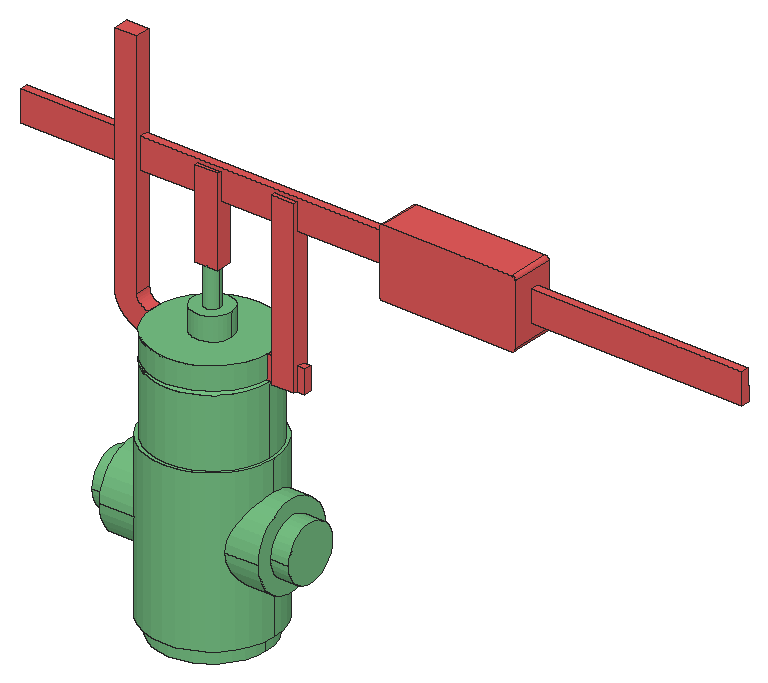
Revit family "M_Level Valve - 15-50 mm - Threaded", category Pipe Accessories, Revit 2014
Parameters (values of type "50 mm")
  Valve Material = PVC, Green
  Valve Length = 165 mm
  Symbol Width = 1 / 2 * Valve Length * tan(30.00°)  # 47.631 mm
  Socket Thickness = 3 / 8 * Socket Radius  # 15.705 mm
  Socket Radius = 1.2 * Outside Radius  # 41.88 mm
  Socket Diameter = 2 * Socket Radius  # 83.76 mm
  Radius 1 = 1 / 3 * Bonnet Radius  # 16.188 mm
  Outside Radius = 34.9 mm
  Outside Diameter = 2 * Outside Radius  # 69.8 mm
  Nominal Radius = 25 mm
  Nominal Diameter = 2 * Nominal Radius  # 50 mm
  K Coefficient = 8.9
  Height 2 = 120 mm
  Height 1 = 87 mm
  H3 = Valve Length * 0.2  # 33 mm
  H2 = Valve Length / 3 * 2  # 110 mm
  Bottom Radius = 7 / 8 * Body Radius  # 45.117 mm
  Bonnet Radius = Body Radius - 3 mm  # 48.562 mm
  Bonnet Diameter = 2 * Bonnet Radius  # 97.125 mm
  Body Radius = 5 / 16 * Valve Length  # 51.562 mm
  Body Diameter = 2 * Body Radius  # 103.125 mm
Types (6, lengths in mm): name | Valve Length | Symbol Width | Socket Thickness | Socket Radius | Socket Diameter | Radius 1 | Outside Radius | Outside Diameter | Nominal Radius | Nominal Diameter | K Coefficient | Height 2 | Height 1 | H3 | H2 | Bottom Radius | Bonnet Radius | Bonnet Diameter | Body Radius | Body Diameter
  15 mm | 124 | 35.796 | 8.595 | 22.92 | 45.84 | 11.917 | 19.1 | 38.2 | 7.5 | 15 | 1.17 | 97 | 67 | 24.8 | 82.667 | 33.906 | 35.75 | 71.5 | 38.75 | 77.5
  50 mm | 165 | 47.631 | 15.705 | 41.88 | 83.76 | 16.188 | 34.9 | 69.8 | 25 | 50 | 8.9 | 120 | 87 | 33 | 110 | 45.117 | 48.562 | 97.125 | 51.562 | 103.125
  25 mm | 124 | 35.796 | 8.595 | 22.92 | 45.84 | 11.917 | 19.1 | 38.2 | 12.5 | 25 | 8.9 | 97 | 67 | 24.8 | 82.667 | 33.906 | 35.75 | 71.5 | 38.75 | 77.5
  32 mm | 146 | 42.147 | 14.31 | 38.16 | 76.32 | 14.208 | 31.8 | 63.6 | 16 | 32 | 6.02 | 106 | 80 | 29.2 | 97.333 | 39.922 | 42.625 | 85.25 | 45.625 | 91.25
  40 mm | 146 | 42.147 | 14.31 | 38.16 | 76.32 | 14.208 | 31.8 | 63.6 | 20 | 40 | 7.21 | 106 | 80 | 29.2 | 97.333 | 39.922 | 42.625 | 85.25 | 45.625 | 91.25
  20 mm | 124 | 35.796 | 8.595 | 22.92 | 45.84 | 11.917 | 19.1 | 38.2 | 10 | 20 | 4.75 | 97 | 67 | 24.8 | 82.667 | 33.906 | 35.75 | 71.5 | 38.75 | 77.5
Reference planes
  plane 1 "Center (Front/Back)": y = 0
  plane 2: z = 0
  plane 3 "Center (Left/Right)": x = 0
  plane 4: x = -82.5
  plane 5: x = 82.5
  plane 6: z = -87
  plane 7: z = 120
  plane 8: x = -66.795
  plane 9: x = 66.795
  plane 10: z = 60
  plane 11: z = -74.3
  plane 12: x = -48.562
  plane 13: z = 158.1
  plane 14: z = 139.05
  plane 15: x = -67.612
  plane 16: z = 129.525
  plane 17: z = 342.25
  plane 18: x = -77.137
  plane 19: x = -58.087
  plane 20: y = 6.35
  plane 21: y = -6.35
  plane 22: z = 266.05
  plane 23: z = 240.65
  plane 24: x = -158.7
  plane 25: x = 447.725
  plane 26: y = 3.175
  plane 27: y = -3.175
  plane 28: x = 48.563
  plane 29: z = 262.875
  plane 30: x = 54.913
  plane 31: x = 73.963
  plane 32: y = 6.35
  plane 33: y = -6.35
  plane 34: z = 189.85
  plane 35: x = -9.525
  plane 36: x = 9.525
  plane 37: x = 269.925
  plane 38: x = 155.625
  plane 39: z = 281.925
  plane 40: z = 224.775
  plane 41: y = 15.875
  plane 42: y = -19.05
  plane 43: y = 47.631
  plane 44: y = -47.631
  plane 45: x = 80.313
  plane 46: y = 55
  plane 47: y = -55
  plane 48: x = 192.5
  plane 49: x = 302.5
Forms (mm)
  Extrusion 1, solid, material "PVC, Green" <- "Valve Material", detail levels fine
    sketch origin (0, 0, 0) x (0, 1, 0) y (0, 0, 1)
      loop
        circle (0, 0) r 34.9
    from -66.795 to 66.795
  Extrusion 2, solid, material "PVC, Green" <- "Valve Material", detail levels fine
    sketch origin (0, 0, 0) x (0, 1, 0) y (0, 0, 1)
      loop
        circle (0, 0) r 22.86
    from -82.5 to -66.795
  Extrusion 3, solid, material "PVC, Green" <- "Valve Material", detail levels fine
    sketch origin (0, 0, 0) x (0, 1, 0) y (0, 0, 1)
      loop
        circle (0, 0) r 22.86
    from 66.795 to 82.5
  Extrusion 4, solid, material "PVC, Green" <- "Valve Material", detail levels fine
    sketch origin (0, 0, 0) x (1, 0, 0) y (0, 1, 0)
      loop
        circle (0, 0) r 51.562
    from -74.3 to 60
  Extrusion 5, solid, material "PVC, Green" <- "Valve Material", detail levels fine
    sketch origin (0, 0, 0) x (1, 0, 0) y (0, 1, 0)
      loop
        circle (0, 0) r 45.117
    from -87 to -74.3
  Revolve 6, solid, material "PVC, Green" <- "Valve Material", detail levels fine
    sketch origin (0, 0, 0) x (1, 0, 0) y (0, 0, 1)
      loop
        line (0, 120) -> (-42.212, 120) -> (-48.562, 116.825) -> (-48.562, 60) -> (0, 60) -> (0, 120)
      axis (0, 120) -> (0, 60)
    angle from 0 to 360
  Extrusion 7, solid, material "PVC, Green" <- "Valve Material", detail levels fine
    sketch origin (0, 0, 0) x (1, 0, 0) y (0, 1, 0)
      loop
        circle (0, 0) r 16.188
    from 120 to 158.1
  Extrusion 8, solid, material "PVC, Green" <- "Valve Material", detail levels fine
    sketch origin (0, 0, 0) x (1, 0, 0) y (0, 1, 0)
      loop
        circle (0, 0) r 48.562
    from 120 to 139.05
  Sweep 9, solid, material "FPC_ValveMaterial", detail levels fine
    path origin (0, 0, 0) x (1, 0, 0) y (0, 0, 1)
      loop
        line (-67.612, 342.25) -> (-67.612, 148.575)
        arc (-67.612, 148.575) -> (-62.033, 135.105) -> (-48.562, 129.525) r 19.05
    profile origin (-67.612, 0, 245.413) x (0, -1, 0) y (1, 0, 0)
      loop
        line (-6.35, -9.525) -> (6.35, -9.525) -> (6.35, 9.525) -> (-6.35, 9.525) -> (-6.35, -9.525)
  Extrusion 10, solid, material "FPC_ValveMaterial", detail levels fine
    sketch origin (0, 0, 0) x (1, 0, 0) y (0, 0, 1)
      loop
        line (-158.7, 266.05) -> (-158.7, 240.65) -> (447.725, 240.65) -> (447.725, 266.05) -> (-158.7, 266.05)
    from -3.175 to 3.175
  Extrusion 11, solid, material "FPC_ValveMaterial", detail levels fine
    sketch origin (0, 0, 0) x (1, 0, 0) y (0, 0, 1)
      loop
        line (48.563, 139.05) -> (48.563, 120) -> (80.313, 120) -> (80.313, 139.05) -> (48.563, 139.05)
    from -3.175 to 3.175
  Extrusion 12, solid, material "FPC_ValveMaterial", detail levels fine
    sketch origin (0, 0, 0) x (1, 0, 0) y (0, 0, 1)
      loop
        line (54.913, 262.875) -> (54.913, 120) -> (73.963, 120) -> (73.963, 262.875) -> (54.913, 262.875)
    from -6.35 to 6.35
  Extrusion 13, solid, material "FPC_ValveMaterial", detail levels fine
    sketch origin (0, 0, 0) x (1, 0, 0) y (0, 0, 1)
      loop
        line (-9.525, 262.875) -> (-9.525, 189.85) -> (9.525, 189.85) -> (9.525, 262.875) -> (-9.525, 262.875)
    from -6.35 to 6.35
  Extrusion 14, solid, material "PVC, Green" <- "Valve Material", detail levels fine
    sketch origin (0, 0, 0) x (1, 0, 0) y (0, 1, 0)
      loop
        circle (0, 0) r 6.35
    from 158.1 to 189.85
  Extrusion 15, solid, material "FPC_ValveMaterial", detail levels fine
    sketch origin (0, 0, 0) x (1, 0, 0) y (0, 0, 1)
      loop
        arc (158.8, 281.925) -> (156.555, 280.995) -> (155.625, 278.75) r 3.175
        line (155.625, 278.75) -> (155.625, 227.95)
        arc (155.625, 227.95) -> (156.555, 225.705) -> (158.8, 224.775) r 3.175
        line (158.8, 224.775) -> (266.75, 224.775)
        arc (266.75, 224.775) -> (268.995, 225.705) -> (269.925, 227.95) r 3.175
        line (269.925, 227.95) -> (269.925, 278.75)
        arc (269.925, 278.75) -> (268.995, 280.995) -> (266.75, 281.925) r 3.175
        line (266.75, 281.925) -> (158.8, 281.925)
    from -15.875 to 19.05
Cuts and joins
  joined: Sweep 9, Extrusion 10, Extrusion 11, Extrusion 12, Extrusion 13, Extrusion 15
  joined: Extrusion 1, Extrusion 2, Extrusion 3, Extrusion 4, Extrusion 5, Revolve 6, Extrusion 7, Extrusion 8, Extrusion 14
Lines and regions (mm)
  model lines, detail levels coarse+medium
    curve 1: line (-82.5, -55, 0) -> (-82.5, 55, 0)
    curve 2: line (-82.5, 55, 0) -> (82.5, -55, 0)
    curve 3: line (82.5, -55, 0) -> (82.5, 55, 0)
    curve 4: line (82.5, 55, 0) -> (-82.5, -55, 0)
    curve 5: line (82.5, 0, 0) -> (192.5, 0, 0)
    curve 6: line (192.5, 0, 0) -> (272.135, -42.078, 0)
    curve 7: circle (302.5, -55, 0) r 33 normal (0, 0, 1)
Dimensions and locks
  equal spacing: plane 4, plane 3 "Center (Left/Right)", plane 5
  "Valve Length": plane 4 to plane 5
  "Height 1": plane 2 to plane 6
  "Height 2": plane 7 to plane 2
  "Socket Thickness": plane 4 to plane 8
  "Socket Thickness": plane 9 to plane 5
  equal spacing: plane 7, plane 10, plane 2
  locked: plane 11 to plane 6 at 12.7
  "Bonnet Radius": plane 3 "Center (Left/Right)" to plane 12
  locked: Revolve 6 sketch curve to Revolve 6 sketch curve at 3.175
  locked: plane 14 to plane 7 at 19.05
  locked: plane 13 to plane 14 at 19.05
  equal spacing: plane 14, plane 16, plane 7
  plane 18 to plane 15 to plane 19 = 9.525 mm locked, 9.525 mm locked
  locked: plane 17 to plane 7 at 222.25
  locked: plane 17 to plane 22 at 76.2
  locked: plane 24 to plane 4 at 76.2
  locked: plane 26 to plane 1 "Center (Front/Back)" at 3.175
  locked: plane 1 "Center (Front/Back)" to plane 27 at 3.175
  "Bonnet Radius": plane 3 "Center (Left/Right)" to plane 28
  plane 20 to plane 1 "Center (Front/Back)" to plane 21 = 6.35 mm locked, 6.35 mm locked
  locked: plane 22 to plane 23 at 25.4
  locked: plane 22 to plane 29 at 3.175
  locked: plane 28 to plane 30 at 6.35
  locked: plane 31 to plane 30 at 19.05
  locked: plane 32 to plane 1 "Center (Front/Back)" at 6.35
  locked: plane 33 to plane 1 "Center (Front/Back)" at 6.35
  locked: plane 23 to plane 34 at 50.8
  plane 36 to plane 3 "Center (Left/Right)" to plane 35 = 9.525 mm locked, 9.525 mm locked
  locked: plane 24 to plane 25 at 606.425
  plane 38 to plane 37 to plane 25 = 114.3 mm locked, 177.8 mm locked
  locked: plane 39 to plane 22 at 15.875
  locked: plane 23 to plane 40 at 15.875
  locked: plane 41 to plane 26 at 12.7
  locked: plane 33 to plane 42 at 12.7
  "Symbol Width": plane 43 to plane 1 "Center (Front/Back)"
  "Symbol Width": plane 44 to plane 1 "Center (Front/Back)"
  locked: plane 15 to plane 12 at 19.05
  locked: plane 45 to plane 31 at 6.35
  equal spacing: plane 46, plane 1 "Center (Front/Back)", plane 47
  "H2": plane 46 to plane 47
  "H2": plane 5 to plane 48
  "H2": plane 48 to plane 49
  "Outside Radius": radius of Extrusion 1 sketch curve
  radius of Extrusion 2 sketch curve = 22.86 mm
  radius of Extrusion 3 sketch curve = 22.86 mm
  "Body Radius": radius of Extrusion 4 sketch curve
  "Bottom Radius": radius of Extrusion 5 sketch curve
  "Radius 1": radius of Extrusion 7 sketch curve
  "Bonnet Radius": radius of Extrusion 8 sketch curve
  radius of Extrusion 14 sketch curve = 6.35 mm
  "H3": radius of curve 7
  aligned and locked: plane 1 "Center (Front/Back)" to Extrusion 1 sketch curve
  aligned and locked: plane 2 to Extrusion 1 sketch curve
  aligned and locked: Extrusion 1 to plane 8
  aligned and locked: plane 9 to Extrusion 1
  aligned and locked: plane 2 to Extrusion 2 sketch curve
  aligned and locked: plane 1 "Center (Front/Back)" to Extrusion 2 sketch curve
  aligned and locked: Extrusion 2 to plane 4
  aligned and locked: plane 8 to Extrusion 2
  aligned and locked: plane 2 to Extrusion 3 sketch curve
  aligned and locked: plane 1 "Center (Front/Back)" to Extrusion 3 sketch curve
  aligned and locked: plane 5 to Extrusion 3
  aligned and locked: Extrusion 3 to plane 9
  aligned and locked: plane 1 "Center (Front/Back)" to Extrusion 4 sketch curve
  aligned and locked: plane 3 "Center (Left/Right)" to Extrusion 4 sketch curve
  aligned and locked: plane 10 to Extrusion 4
  aligned and locked: Extrusion 4 to plane 11
  aligned and locked: plane 1 "Center (Front/Back)" to Extrusion 5 sketch curve
  aligned and locked: plane 3 "Center (Left/Right)" to Extrusion 5 sketch curve
  aligned and locked: Extrusion 5 to plane 6
  aligned and locked: plane 11 to Extrusion 5
  aligned and locked: plane 7 to Revolve 6 sketch curve
  aligned and locked: plane 3 "Center (Left/Right)" to Revolve 6 sketch curve
  aligned and locked: Revolve 6 sketch curve to plane 12
  aligned and locked: Revolve 6 sketch curve to plane 10
  aligned and locked: Revolve 6 sketch curve to Revolve 6 sketch curve
  aligned and locked: plane 1 "Center (Front/Back)" to Extrusion 7 sketch curve
  aligned and locked: plane 3 "Center (Left/Right)" to Extrusion 7 sketch curve
  aligned and locked: plane 13 to Extrusion 7
  aligned and locked: Extrusion 7 to plane 7
  aligned and locked: plane 1 "Center (Front/Back)" to Extrusion 8 sketch curve
  aligned and locked: plane 3 "Center (Left/Right)" to Extrusion 8 sketch curve
  aligned and locked: Extrusion 8 to plane 7
  aligned and locked: plane 14 to Extrusion 8
  aligned and locked: plane 17 to Sweep 9 sketch curve
  aligned and locked: plane 15 to Sweep 9 sketch curve
  aligned and locked: plane 18 to Sweep 9 sketch curve
  aligned and locked: Sweep 9 sketch curve to plane 20
  aligned and locked: plane 21 to Sweep 9 sketch curve
  aligned and locked: plane 19 to Sweep 9 sketch curve
  aligned and locked: plane 24 to Extrusion 10 sketch curve
  aligned and locked: Extrusion 10 sketch curve to plane 22
  aligned and locked: plane 23 to Extrusion 10 sketch curve
  aligned and locked: Extrusion 10 sketch curve to plane 25
  aligned and locked: Extrusion 10 to plane 26
  aligned and locked: Extrusion 10 to plane 27
  aligned and locked: Extrusion 11 sketch curve to Extrusion 8
  aligned and locked: Extrusion 8 to Extrusion 11 sketch curve
  aligned and locked: plane 7 to Extrusion 11 sketch curve
  aligned and locked: plane 26 to Extrusion 11
  aligned and locked: Extrusion 11 to plane 27
  aligned and locked: plane 30 to Extrusion 12 sketch curve
  aligned and locked: Extrusion 12 sketch curve to plane 29
  aligned and locked: plane 7 to Extrusion 12 sketch curve
  aligned and locked: Extrusion 12 sketch curve to plane 31
  aligned and locked: plane 32 to Extrusion 12
  aligned and locked: Extrusion 12 to plane 33
  aligned and locked: plane 35 to Extrusion 13 sketch curve
  aligned and locked: Extrusion 13 sketch curve to plane 29
  aligned and locked: plane 34 to Extrusion 13 sketch curve
  aligned and locked: Extrusion 13 sketch curve to plane 36
  aligned and locked: plane 32 to Extrusion 13
  aligned and locked: Extrusion 13 to plane 33
  aligned and locked: plane 1 "Center (Front/Back)" to Extrusion 14 sketch curve
  aligned and locked: plane 3 "Center (Left/Right)" to Extrusion 14 sketch curve
  aligned and locked: plane 34 to Extrusion 14
  aligned and locked: Extrusion 14 to plane 13
  aligned and locked: Extrusion 15 sketch curve to plane 39
  aligned and locked: plane 37 to Extrusion 15 sketch curve
  aligned and locked: plane 40 to Extrusion 15 sketch curve
  aligned and locked: plane 41 to Extrusion 15
  aligned and locked: Extrusion 15 to plane 42
  aligned and locked: Extrusion 11 sketch curve to plane 45
Automatic sketch dimensions
  Revolve 6 sketch curve to plane 10 = 0 mm
  Revolve 6 sketch curve to plane 7 = 0 mm
  plane 12 to Revolve 6 sketch curve = 6.35 mm
  Sweep 9 sketch curve to plane 12 = 0 mm
  Sweep 9 sketch curve to plane 16 = 0 mm
  Extrusion 10 sketch curve to plane 23 = 0 mm
  Extrusion 15 sketch curve to plane 38 = 0 mm
  Extrusion 15 sketch curve to plane 38 = 3.175 mm  (x2)
  plane 37 to Extrusion 15 sketch curve = 3.175 mm
  Extrusion 15 sketch curve to Extrusion 15 sketch curve = 3.175 mm
  curve 1 to plane 4 = 0 mm
  curve 3 to plane 5 = 0 mm
  plane 1 "Center (Front/Back)" to curve 6 = 0 mm
  curve 6 to plane 48 = 0 mm
  curve 7 to plane 47 = 0 mm
  curve 7 to plane 49 = 0 mm
  curve 1 to plane 47 = 0 mm
  curve 2 to plane 47 = 0 mm
  curve 1 to plane 46 = 0 mm
  curve 4 to plane 46 = 0 mm
  plane 44 to curve 6 = 5.553 mm
Connectors
  piping at (-82.5, 0, 0), diameter 50, driven by "Nominal Radius"
    settings: on cut or joined group 1 (Extrusion 1, Extrusion 2, Extrusion 3, Extrusion 4, Extrusion 5, Revolve 6, Extrusion 7, Extrusion 8, Extrusion 14), index 1, connector inside diameter 15 mm, connector length 0 mm, flow factor 0, pipe flow 0.0 L/s, pressure drop 0.0 Pa, fitting loss kfactor 0, connector angle 0.00°, fixture units 0, engagement length 0 mm, angle of deflection 0.00°, flow configuration 0, flow direction 0, fitting loss method 2, system type 29, joint type 0, gender type 0, connector reference index 2, connector utility 0, adjustable connector no, is connector primary yes, connector description ""
  piping at (82.5, 0, 0), diameter 50, driven by "K Coefficient", driven by "Nominal Radius"
    settings: on cut or joined group 1, index 2, connector inside diameter 15 mm, connector length 0 mm, flow factor 0, pipe flow 0.0 L/s, pressure drop 0.0 Pa, fitting loss kfactor 8.9, connector angle 0.00°, fixture units 0, engagement length 0 mm, angle of deflection 0.00°, flow configuration 0, flow direction 0, fitting loss method 2, system type 29, joint type 0, gender type 0, connector reference index 1, connector utility 0, adjustable connector no, is connector primary no, connector description ""
